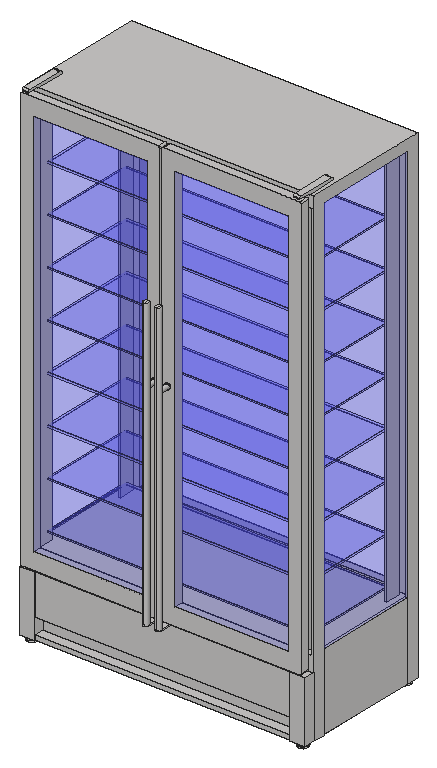
Revit family "Food-Service-Equipment_Oscartek_PIIGS1390", category Specialty Equipment, Revit 2026
Family settings
  Round Connector Dimension = Use Diameter
  Part Type = Normal
  Classification Number = 23.40.40.11
  Work Plane-Based = No
  Enable Cutting in Views = No
  Always vertical = Yes
  Cut with Voids When Loaded = No
  Maintain Annotation Orientation = No
  Shared = No
  Room Calculation Point = No
Parameters
  Weight in Pounds = 650
  Watts = if(Phase = 3, Volts * FL Amps * 1.73, Volts * FL Amps)  # 1760 W
  Waste Water Discharge Temperature [instance] = -459.67 °F
  Volts = 220 V
  URL Cutsheet = "www.oscartek.com"
  URL = "www.oscartek.com"
  Type Mark [instance] = ""
  Type Comments = "As Specified"
  Test Data = "http://www.oscartek.com/company/clients.php"
  Status [instance] = ""
  Specification by User [instance] = ""
  Specification by Manufacturer = ""
  Specification = "https://www.arcat.com/arcatcos/cos48/arc48760.html"
  Show SS Wine Rack [instance] = no
  Show Plexi Glass Wine Rack [instance] = no
  Show Glass Shelving [instance] = yes
  Show Double Door [instance] = no
  Show Clearance [instance] = yes
  Serial Number = ""
  Seismic Rating = ""
  Sales Information = "http://www.oscartek.com/company/contact.php"
  SMACNA No = ""
  Revision Code [instance] = ""
  Revision = "R1_2018-10"
  Product Data = "http://www.oscartek.com/support/manuals/"
  Plumbing Remarks [instance] = ""
  Phase = 1
  Omniclass Number and Title = ""
  Number of Poles [instance] = 1
  NAFEM Spec ID Number = ""
  Model = "PIIGS1390 DOUBLE DOORS"
  Min Ckt Ampacity = 0 A
  Max Overcurrent Protection = 0 A
  Masterspec = ""
  Manufacturer Website = "http://www.oscartek.com/index.php"
  Manufacturer Phone - Toll Free = "855-885-2400"
  Manufacturer Phone = "650-342-2400"
  Manufacturer Fax = "650-342-7400"
  Manufacturer Address = "361 Beach Rd., Burlingame, CA 94010"
  Manufacturer = "OSCARTEK"
  Length = 54.75"  # constant formula
  Item Number [instance] = ""
  Installed By [instance] = ""
  Installation-Fabrication = "http://www.oscartek.com/support/manuals/"
  Indirect Waste Size = 1"
  Indirect Waste Flow [instance] = 0 GPM
  Indirect Waste Connection Type [instance] = ""
  Indirect Waste Connection Height = 0.00"
  Identify Quantity as Lot [instance] = yes
  HP = ""
  Green Building-LEED = "https://www.arcat.com/green/green_building.shtml"
  Furnished By [instance] = ""
  Foodservice Equipment Identifier [instance] = yes
  FL Amps = 8 A
  Electrical Remarks [instance] = ""
  Electric Connection Type [instance] = ""
  Elec Conn RI Height [instance] = 0.00"
  Elec Conn Connection Height [instance] = 0.00"
  Drawn By = "Sumex Design, Inc. / Robert S. Weygant, CSI, CDT, SCIP"
  Door Swing = yes
  Door Swing Clearance [instance] = and(Show Double Door, Show Clearance)  # no
  Description = "PROVINO II GLASS SHELVING SHOWCASE, GLASS SHELVING"
  Default Elevation = 0.00"
  Cycle = 60 Hz
  Copyright = "©Arcat Inc."
  Construction Details = "http://www.oscartek.com/support/manuals/"
  Conn Plug = ""
  Conn Conduit = yes
  Category = ""
  CSI MasterFormat = "11 41 33"
  CSI Master Format = "Foodservice Shelving"
  Building Codes = "https://www.arcat.com/arcatcos/cos48/arc48760.html"
  Apparent Power = if(Phase = 3, Volts * FL Amps * 1.73, Volts * FL Amps)  # 1760 VA
Reference planes (in)
  plane 1 "BACK": y = 0
  plane 2: z = 0
  plane 3 "LEFT": x = 0
  plane 4 "RIGHT": x = 54.75
  plane 5 "FRONT": y = -27.09443
  plane 6 "TOP": z = 95.04541
  plane 7 "Center Y": x = 27.375
  plane 8 "Center X": y = -13.54722
  plane 9 "BASE": z = 0.95111
  plane 10: x = 1.2874
  plane 11: x = 42.0196
  plane 12: x = 5.87601
  plane 13: x = 4.49806
  plane 14: x = 37.43099
  plane 15: x = 38.80894
  plane 16: z = 1.85662
  plane 17: z = 81.18094
  plane 18: z = 72.12584
  plane 19: z = 63.07074
  plane 20: z = 54.01564
  plane 21: z = 44.96054
  plane 22: z = 35.90544
  plane 23: z = 26.85034
  plane 24: z = 17.79524
Forms (in)
  Extrusion 1, solid, material "Glass", visible <- "Show Glass Shelving"
    sketch origin (103.23759, -103.23759, 0) x (1, 0, 0) y (0, 0, 1)
      loop
        line (-101.0939, 17.79524) -> (-101.0939, 17.40154) -> (-50.65699, 17.40154) -> (-50.65699, 17.79524) -> (-101.0939, 17.79524)
      loop
        line (-101.0939, 26.45664) -> (-50.65699, 26.45664) -> (-50.65699, 26.85034) -> (-101.0939, 26.85034) -> (-101.0939, 26.45664)
      loop
        line (-101.0939, 35.90544) -> (-101.0939, 35.51174) -> (-50.65699, 35.51174) -> (-50.65699, 35.90544) -> (-101.0939, 35.90544)
      loop
        line (-101.0939, 44.96054) -> (-101.0939, 44.56684) -> (-50.65699, 44.56684) -> (-50.65699, 44.96054) -> (-101.0939, 44.96054)
      loop
        line (-101.0939, 54.01564) -> (-101.0939, 53.62194) -> (-50.65699, 53.62194) -> (-50.65699, 54.01564) -> (-101.0939, 54.01564)
      loop
        line (-101.0939, 63.07074) -> (-101.0939, 62.67704) -> (-50.65699, 62.67704) -> (-50.65699, 63.07074) -> (-101.0939, 63.07074)
      loop
        line (-101.0939, 72.12584) -> (-101.0939, 71.73214) -> (-50.65699, 71.73214) -> (-50.65699, 72.12584) -> (-101.0939, 72.12584)
      loop
        line (-101.0939, 81.18094) -> (-101.0939, 80.78724) -> (-50.65699, 80.78724) -> (-50.65699, 81.18094) -> (-101.0939, 81.18094)
    from -99.17263 to -80.27503
  Revolve 2, solid, material "QF_Finishes_Stainless Steel"
    sketch origin (-10.43224, -25.58211, 13.1811) x (1, 0, 0) y (0, 0, 1)
      loop
        line (11.86223, -13.1811) -> (11.86223, -12.22999) -> (11.66646, -12.22999) -> (11.66646, -12.7874) -> (11.49024, -12.7874) -> (11.49024, -12.95506) -> (10.93781, -12.95506) -> (10.88984, -13.06299) -> (11.15559, -13.1811) -> (11.86223, -13.1811)
      axis (11.86223, -13.1811) -> (11.86223, -12.22999)
    angle from 0 to 360
  Revolve 3, solid, material "QF_Finishes_Stainless Steel"
    sketch origin (42.291, -25.58211, 13.1811) x (-1, 0, 0) y (0, 0, -1)
      loop
        line (-11.01777, 13.1811) -> (-11.72441, 13.1811) -> (-11.99016, 13.06299) -> (-11.94219, 12.95506) -> (-11.38976, 12.95506) -> (-11.38976, 12.7874) -> (-11.21354, 12.7874) -> (-11.21354, 12.22999) -> (-11.01777, 12.22999) -> (-11.01777, 13.1811)
      axis (-11.01777, 13.1811) -> (-11.01777, 12.22999)
    angle from 0 to 360
  Revolve 4, solid, material "QF_Finishes_Stainless Steel"
    sketch origin (-10.43224, -0.98759, 13.1811) x (1, 0, 0) y (0, 0, -1)
      loop
        line (11.86223, 13.1811) -> (11.15559, 13.1811) -> (10.88984, 13.06299) -> (10.93781, 12.95506) -> (11.49024, 12.95506) -> (11.49024, 12.7874) -> (11.66646, 12.7874) -> (11.66646, 12.22999) -> (11.86223, 12.22999) -> (11.86223, 13.1811)
      axis (11.86223, 13.1811) -> (11.86223, 12.22999)
    angle from 0 to 360
  Revolve 5, solid, material "QF_Finishes_Stainless Steel"
    sketch origin (42.291, -0.98759, 13.1811) x (-1, 0, 0) y (0, 0, 1)
      loop
        line (-11.01777, -13.1811) -> (-11.01777, -12.22999) -> (-11.21354, -12.22999) -> (-11.21354, -12.7874) -> (-11.38976, -12.7874) -> (-11.38976, -12.95506) -> (-11.94219, -12.95506) -> (-11.99016, -13.06299) -> (-11.72441, -13.1811) -> (-11.01777, -13.1811)
      axis (-11.01777, -13.1811) -> (-11.01777, -12.22999)
    angle from 0 to 360
  Extrusion 6, solid, material "QF_Finishes_Stainless Steel"
    sketch origin (0, 0, 0) x (0, 1, 0) y (0, 0, 1)
      loop
        line (-24.74405, 15.62989) -> (-24.74405, 12.66926) -> (-26.79719, 12.66926) -> (-26.79719, 4.89598) -> (-24.82279, 4.89598) -> (-24.82279, 1.85662) -> (-26.79719, 1.85662) -> (-26.79719, 0.95111) -> (0, 0.95111) -> (0, 15.62989) -> (-24.74405, 15.62989)
      loop
        line (-24.81619, 94.49423) -> (-24.81619, 92.24423) -> (-1.72442, 92.24423) -> (-1.72442, 92.99029) -> (0, 92.99029) -> (0, 94.49423) -> (-24.81619, 94.49423)
    from 0.20748 to 54.7243
  Extrusion 7, solid, material "QF_Finishes_Stainless Steel"
    sketch origin (0, 0, 0) x (0, 1, 0) y (0, 0, 1)
      loop
        line (0, 94.49423) -> (-24.74405, 94.49423) -> (-24.74405, 0.95111) -> (-22.49405, 0.95111) -> (-22.49405, 92.24423) -> (-2.25, 92.24423) -> (-2.25, 0.95111) -> (0, 0.95111) -> (0, 94.49423)
    from 0 to 0.5
  Extrusion 8, solid, material "QF_Finishes_Stainless Steel"
    sketch origin (43.31, -26.59443, 156.22651) x (-1, 0, 0) y (0, 0, -1)
      loop
        line (16.45966, 61.98819) -> (42.5226, 61.98819)
        arc (42.5226, 61.98819) -> (42.74531, 62.08043) -> (42.83756, 62.30315) r 0.31496
        line (42.83756, 62.30315) -> (42.83756, 142.85417)
        arc (42.83756, 142.85417) -> (42.74531, 143.07688) -> (42.5226, 143.16913) r 0.31496
        line (42.5226, 143.16913) -> (16.45966, 143.16913)
        arc (16.45966, 143.16913) -> (16.23695, 143.07688) -> (16.1447, 142.85417) r 0.31496
        line (16.1447, 142.85417) -> (16.1447, 62.30315)
        arc (16.1447, 62.30315) -> (16.23695, 62.08043) -> (16.45966, 61.98819) r 0.31496
      loop
        line (18.56596, 65.19684) -> (40.4163, 65.19684) -> (40.4163, 139.96047) -> (18.56596, 139.96047) -> (18.56596, 65.19684)
      loop
        arc (15.43604, 61.98819) -> (15.65875, 62.08043) -> (15.751, 62.30315) r 0.31496
        line (15.751, 62.30315) -> (15.751, 142.85417)
        arc (15.751, 142.85417) -> (15.65875, 143.07688) -> (15.43604, 143.16913) r 0.31496
        line (15.43604, 143.16913) -> (-10.6269, 143.16913)
        arc (-10.6269, 143.16913) -> (-10.84961, 143.07688) -> (-10.94186, 142.85417) r 0.31496
        line (-10.94186, 142.85417) -> (-10.94186, 62.30315)
        arc (-10.94186, 62.30315) -> (-10.84961, 62.08043) -> (-10.6269, 61.98819) r 0.31496
        line (-10.6269, 61.98819) -> (15.43604, 61.98819)
      loop
        line (13.32974, 65.19684) -> (13.32974, 139.96047) -> (-8.5206, 139.96047) -> (-8.5206, 65.19684) -> (13.32974, 65.19684)
    from -1.0748 to 0.5
  Extrusion 9, solid, material "QF_Finishes_Stainless Steel"
    sketch origin (54.75, 0, 0) x (0, 1, 0) y (0, 0, -1)
      loop
        line (0, -94.49423) -> (0, -0.95111) -> (-2.25, -0.95111) -> (-2.25, -92.24423) -> (-22.49405, -92.24423) -> (-22.49405, -0.95111) -> (-24.74405, -0.95111) -> (-24.74405, -94.49423) -> (0, -94.49423)
    from 0 to 0.5
  Extrusion 10, solid, material "QF_Finishes_Stainless Steel"
    sketch origin (43.31, -1.0748, 156.22651) x (-1, 0, 0) y (0, 0, -1)
      loop
        line (-10.94186, 63.23622) -> (42.83756, 63.23622) -> (42.83756, 140.59662) -> (-10.94186, 140.59662) -> (-10.94186, 63.23622)
      loop
        line (-8.5206, 65.19684) -> (40.4163, 65.19684) -> (40.4163, 139.96047) -> (-8.5206, 139.96047) -> (-8.5206, 65.19684)
    from -1.0748 to 0.5
  Extrusion 11, solid, material "QF_Finishes_Stainless Steel"
    sketch origin (43.31, -25.01964, 156.22651) x (-1, 0, 0) y (0, 0, -1)
      loop
        line (16.8947, 62.73819) -> (42.08756, 62.73819) -> (42.08756, 142.41913) -> (16.8947, 142.41913) -> (16.8947, 62.73819)
      loop
        line (17.81596, 64.44684) -> (41.1663, 64.44684) -> (41.1663, 140.71047) -> (17.81596, 140.71047) -> (17.81596, 64.44684)
      loop
        line (15.001, 62.73819) -> (15.001, 142.41913) -> (-10.19186, 142.41913) -> (-10.19186, 62.73819) -> (15.001, 62.73819)
      loop
        line (14.07974, 64.44684) -> (14.07974, 140.71047) -> (-9.2706, 140.71047) -> (-9.2706, 64.44684) -> (14.07974, 64.44684)
    from -0.27559 to 0.5
  Revolve 12, solid, material "QF_Finishes_Stainless Steel"
    sketch origin (26.15984, 0, 0) x (0, 1, 0) y (0, 0, 1)
      loop
        line (-29.20051, 68.18883) -> (-29.73004, 68.18883) -> (-29.73004, 12.99209) -> (-29.20051, 12.99209) -> (-29.20051, 68.18883)
      axis (-29.20051, 12.99209) -> (-29.20051, 68.18883)
    angle from 0 to 360
  Revolve 13, solid, material "QF_Finishes_Stainless Steel"
    sketch origin (26.15984, 0, 0) x (0, 1, 0) y (0, 0, 1)
      loop
        line (-27.09443, 53.6613) -> (-27.09443, 54.20067) -> (-27.13359, 54.20067) -> (-27.17296, 54.1613) -> (-27.17296, 54.09314) -> (-29.23962, 54.09314) -> (-29.23962, 53.6613) -> (-27.09443, 53.6613)
      axis (-27.09443, 53.6613) -> (-29.23962, 53.6613)
    angle from 0 to 360
  Extrusion 14, solid, material "QF_Finishes_Stainless Steel"
    sketch origin (0, 0, 0.95111) x (-1, 0, 0) y (0, -1, 0)
      loop
        line (-26.68937, 25.72125) -> (-25.63032, 25.72125) -> (-25.63032, 29.20051)
        arc (-25.63032, 29.20051) -> (-26.15984, 29.73004) -> (-26.68937, 29.20051) r 0.52953
        line (-26.68937, 29.20051) -> (-26.68937, 25.72125)
    from 11.90942 to 12.04098
  Revolve 15, solid, material "QF_Finishes_Stainless Steel"
    sketch origin (28.57999, 0, 0) x (0, 1, 0) y (0, 0, -1)
      loop
        line (-29.20051, -68.18883) -> (-29.20051, -12.99209) -> (-29.73004, -12.99209) -> (-29.73004, -68.18883) -> (-29.20051, -68.18883)
      axis (-29.20051, -12.99209) -> (-29.20051, -68.18883)
    angle from 0 to 360
  Revolve 16, solid, material "QF_Finishes_Stainless Steel"
    sketch origin (28.57999, 0, 0) x (0, 1, 0) y (0, 0, -1)
      loop
        line (-27.09443, -53.6613) -> (-29.23962, -53.6613) -> (-29.23962, -54.09314) -> (-27.17296, -54.09314) -> (-27.17296, -54.1613) -> (-27.13359, -54.20067) -> (-27.09443, -54.20067) -> (-27.09443, -53.6613)
      axis (-27.09443, -53.6613) -> (-29.23962, -53.6613)
    angle from 0 to 360
  Extrusion 17, solid, material "QF_Finishes_Stainless Steel"
    sketch origin (54.73983, 0, 0.95111) x (1, 0, 0) y (0, 1, 0)
      loop
        line (-26.68937, -25.72125) -> (-26.68937, -29.20051)
        arc (-26.68937, -29.20051) -> (-26.15984, -29.73004) -> (-25.63032, -29.20051) r 0.52953
        line (-25.63032, -29.20051) -> (-25.63032, -25.72125) -> (-26.68937, -25.72125)
    from 11.90942 to 12.04098
  Extrusion 18, solid, material "QF_Finishes_Stainless Steel"
    sketch origin (43.31, -31.496, 1.1811) x (-1, 0, 0) y (0, 0, -1)
      loop
        line (40.36906, -11.48816) -> (43.10252, -11.48816) -> (43.10252, 0.22999) -> (40.36906, 0.22999) -> (40.36906, -11.48816)
      loop
        line (-8.47336, -11.48816) -> (-8.47336, 0.22999) -> (-11.44, 0.22999) -> (-11.44, -11.48816) -> (-8.47336, -11.48816)
    from -6.70471 to -4.62868
  Extrusion 19, solid, material "Glass"
    sketch origin (0, 0, 0) x (0, 1, 0) y (0, 0, 1)
      loop
        line (-22.49405, 92.24423) -> (-22.49405, 15.62989) -> (-2.25, 15.62989) -> (-2.25, 92.24423) -> (-22.49405, 92.24423)
    from 0 to 0.5
  Extrusion 20, solid, material "Glass"
    sketch origin (43.31, -1.0748, 156.22651) x (-1, 0, 0) y (0, 0, -1)
      loop
        line (-8.5206, 65.19684) -> (40.4163, 65.19684) -> (40.4163, 139.96047) -> (-8.5206, 139.96047) -> (-8.5206, 65.19684)
    from -1.0748 to 0.5
  Extrusion 21, solid, material "Glass"
    sketch origin (54.75, 0, 0) x (0, 1, 0) y (0, 0, -1)
      loop
        line (-22.49405, -92.24423) -> (-2.25, -92.24423) -> (-2.25, -15.62989) -> (-22.49405, -15.62989) -> (-22.49405, -92.24423)
    from 0 to 0.5
  Extrusion 22, solid, material "Glass"
    sketch origin (43.31, -26.59443, 156.22651) x (-1, 0, 0) y (0, 0, -1)
      loop
        line (18.56596, 65.19684) -> (40.4163, 65.19684) -> (40.4163, 139.96047) -> (18.56596, 139.96047) -> (18.56596, 65.19684)
      loop
        line (13.32974, 65.19684) -> (13.32974, 139.96047) -> (-8.5206, 139.96047) -> (-8.5206, 65.19684) -> (13.32974, 65.19684)
    from -1.0748 to 0.5
  Extrusion 23, solid, material "QF_Finishes_Stainless Steel"
    sketch origin (0, 0, 0) x (0, 1, 0) y (0, 0, 1)
      loop
        line (-27.09965, 94.65171) -> (-24.81619, 94.65171) -> (-24.81619, 94.49423) -> (-19.22565, 94.49423) -> (-19.22565, 94.69108)
        arc (-19.22565, 94.69108) -> (-19.32943, 94.94163) -> (-19.57998, 95.04541) r 0.35433
        line (-19.57998, 95.04541) -> (-26.74532, 95.04541)
        arc (-26.74532, 95.04541) -> (-26.99587, 94.94163) -> (-27.09965, 94.69108) r 0.35433
        line (-27.09965, 94.69108) -> (-27.09965, 94.65171)
    from 0.7874 to 2.01968
  Extrusion 24, solid, material "QF_Finishes_Stainless Steel"
    sketch origin (54.75, 0, 0) x (0, 1, 0) y (0, 0, -1)
      loop
        line (-27.09965, -94.65171) -> (-27.09965, -94.69108)
        arc (-27.09965, -94.69108) -> (-26.99587, -94.94163) -> (-26.74532, -95.04541) r 0.35433
        line (-26.74532, -95.04541) -> (-19.57998, -95.04541)
        arc (-19.57998, -95.04541) -> (-19.32943, -94.94163) -> (-19.22565, -94.69108) r 0.35433
        line (-19.22565, -94.69108) -> (-19.22565, -94.49423) -> (-24.81619, -94.49423) -> (-24.81619, -94.65171) -> (-27.09965, -94.65171)
    from 0.7874 to 2.01968
  Extrusion 25, solid, material "QF_Finishes_Stainless Steel"
    sketch origin (53.0806, 0, 0) x (0, 1, 0) y (0, 0, -1)
      loop
        line (-2.25, -92.24423) -> (-2.25, -15.62989) -> (-5.1496, -15.62989) -> (-5.1496, -92.24423) -> (-2.25, -92.24423)
      loop
        line (-24.74405, -15.62989) -> (-24.74405, -92.24423) -> (-21.81922, -92.24423) -> (-21.81922, -15.62989) -> (-24.74405, -15.62989)
    from 0 to 0.5
  Extrusion 26, solid, material "QF_Finishes_Stainless Steel"
    sketch origin (1.6437, 0, 0) x (0, 1, 0) y (0, 0, 1)
      loop
        line (-2.25, 92.24423) -> (-5.1496, 92.24423) -> (-5.1496, 15.62989) -> (-2.25, 15.62989) -> (-2.25, 92.24423)
      loop
        line (-24.74405, 15.62989) -> (-21.81922, 15.62989) -> (-21.81922, 92.24423) -> (-24.74405, 92.24423) -> (-24.74405, 15.62989)
    from 0 to 0.5
  Extrusion 27, solid, material "QF_Finishes_Door Clearance", visible <- "Show Clearance", detail levels coarse
    sketch origin (0, 0, 0.95111) x (-1, 0, 0) y (0, -1, 0)
      loop
        line (-63.09511, 50.35976) -> (-54.62722, 27.09443) -> (-27.56687, 27.09443)
        arc (-27.56687, 27.09443) -> (-39.27541, 47.97451) -> (-63.09511, 50.35976) r 25.92193
      loop
        arc (8.34511, 50.35976) -> (-15.47459, 47.97451) -> (-27.18313, 27.09443) r 25.92193
        line (-27.18313, 27.09443) -> (-0.12278, 27.09443) -> (8.34511, 50.35976)
    from 12.04098 to 93.34003
  Extrusion 28, solid, material "QF_Finishes_Stainless Steel"
    sketch origin (0, 0, 0.95111) x (-1, 0, 0) y (0, -1, 0)
      loop
        circle (-49.97676, 6.90952) r 0.64954
      loop
        circle (-4.86333, 6.90952) r 0.64954
    from -0.25092 to 0.5
  Extrusion 29, solid, material "QF_Finishes_Stainless Steel"
    sketch origin (0, 0, 0) x (0, 1, 0) y (0, 0, 1)
      loop
        line (-24.74405, 15.62989) -> (-24.74405, 0.95111) -> (0, 0.95111) -> (0, 15.62989) -> (-24.74405, 15.62989)
    from 0.20748 to 54.7243
  Extrusion 30, solid, material "QF_Finishes_Stainless Steel", visible <- "Show Double Door"
    sketch origin (43.31, 1.85038, 156.22651) x (-1, 0, 0) y (0, 0, 1)
      loop
        arc (16.45966, -61.98819) -> (16.23695, -62.08043) -> (16.1447, -62.30315) r 0.31496
        line (16.1447, -62.30315) -> (16.1447, -142.85417)
        arc (16.1447, -142.85417) -> (16.23695, -143.07688) -> (16.45966, -143.16913) r 0.31496
        line (16.45966, -143.16913) -> (42.5226, -143.16913)
        arc (42.5226, -143.16913) -> (42.74531, -143.07688) -> (42.83756, -142.85417) r 0.31496
        line (42.83756, -142.85417) -> (42.83756, -62.30315)
        arc (42.83756, -62.30315) -> (42.74531, -62.08043) -> (42.5226, -61.98819) r 0.31496
        line (42.5226, -61.98819) -> (16.45966, -61.98819)
      loop
        line (18.56596, -65.19684) -> (18.56596, -139.96047) -> (40.4163, -139.96047) -> (40.4163, -65.19684) -> (18.56596, -65.19684)
      loop
        line (15.43604, -61.98819) -> (-10.6269, -61.98819)
        arc (-10.6269, -61.98819) -> (-10.84961, -62.08043) -> (-10.94186, -62.30315) r 0.31496
        line (-10.94186, -62.30315) -> (-10.94186, -142.85417)
        arc (-10.94186, -142.85417) -> (-10.84961, -143.07688) -> (-10.6269, -143.16913) r 0.31496
        line (-10.6269, -143.16913) -> (15.43604, -143.16913)
        arc (15.43604, -143.16913) -> (15.65875, -143.07688) -> (15.751, -142.85417) r 0.31496
        line (15.751, -142.85417) -> (15.751, -62.30315)
        arc (15.751, -62.30315) -> (15.65875, -62.08043) -> (15.43604, -61.98819) r 0.31496
      loop
        line (13.32974, -65.19684) -> (-8.5206, -65.19684) -> (-8.5206, -139.96047) -> (13.32974, -139.96047) -> (13.32974, -65.19684)
    from -1.0748 to 0.5
  Extrusion 31, solid, material "QF_Finishes_Stainless Steel", visible <- "Show Double Door"
    sketch origin (43.31, 0.27559, 156.22651) x (-1, 0, 0) y (0, 0, 1)
      loop
        line (16.8947, -62.73819) -> (16.8947, -142.41913) -> (42.08756, -142.41913) -> (42.08756, -62.73819) -> (16.8947, -62.73819)
      loop
        line (17.81596, -64.44684) -> (17.81596, -140.71047) -> (41.1663, -140.71047) -> (41.1663, -64.44684) -> (17.81596, -64.44684)
      loop
        line (15.001, -62.73819) -> (-10.19186, -62.73819) -> (-10.19186, -142.41913) -> (15.001, -142.41913) -> (15.001, -62.73819)
      loop
        line (14.07974, -64.44684) -> (-9.2706, -64.44684) -> (-9.2706, -140.71047) -> (14.07974, -140.71047) -> (14.07974, -64.44684)
    from -0.27559 to 0.5
  Revolve 32, solid, material "QF_Finishes_Stainless Steel", visible <- "Show Double Door"
    sketch origin (26.15984, -24.74405, 0) x (0, -1, 0) y (0, 0, -1)
      loop
        line (-29.20051, -68.18883) -> (-29.20051, -12.99209) -> (-29.73004, -12.99209) -> (-29.73004, -68.18883) -> (-29.20051, -68.18883)
      axis (-29.20051, -12.99209) -> (-29.20051, -68.18883)
    angle from 0 to 360
  Revolve 33, solid, material "QF_Finishes_Stainless Steel", visible <- "Show Double Door"
    sketch origin (26.15984, -24.74405, 0) x (0, -1, 0) y (0, 0, -1)
      loop
        line (-27.09443, -53.6613) -> (-29.23962, -53.6613) -> (-29.23962, -54.09314) -> (-27.17296, -54.09314) -> (-27.17296, -54.1613) -> (-27.13359, -54.20067) -> (-27.09443, -54.20067) -> (-27.09443, -53.6613)
      axis (-27.09443, -53.6613) -> (-29.23962, -53.6613)
    angle from 0 to 360
  Extrusion 34, solid, material "QF_Finishes_Stainless Steel", visible <- "Show Double Door"
    sketch origin (0, -24.74405, 0.95111) x (-1, 0, 0) y (0, -1, 0)
      loop
        line (-26.68937, -25.72125) -> (-26.68937, -29.20051)
        arc (-26.68937, -29.20051) -> (-26.15984, -29.73004) -> (-25.63032, -29.20051) r 0.52953
        line (-25.63032, -29.20051) -> (-25.63032, -25.72125) -> (-26.68937, -25.72125)
    from 11.90942 to 12.04098
  Revolve 35, solid, material "QF_Finishes_Stainless Steel", visible <- "Show Double Door"
    sketch origin (28.57999, -24.74405, 0) x (0, -1, 0) y (0, 0, 1)
      loop
        line (-29.20051, 68.18883) -> (-29.73004, 68.18883) -> (-29.73004, 12.99209) -> (-29.20051, 12.99209) -> (-29.20051, 68.18883)
      axis (-29.20051, 12.99209) -> (-29.20051, 68.18883)
    angle from 0 to 360
  Revolve 36, solid, material "QF_Finishes_Stainless Steel", visible <- "Show Double Door"
    sketch origin (28.57999, -24.74405, 0) x (0, -1, 0) y (0, 0, 1)
      loop
        line (-27.09443, 53.6613) -> (-27.09443, 54.20067) -> (-27.13359, 54.20067) -> (-27.17296, 54.1613) -> (-27.17296, 54.09314) -> (-29.23962, 54.09314) -> (-29.23962, 53.6613) -> (-27.09443, 53.6613)
      axis (-27.09443, 53.6613) -> (-29.23962, 53.6613)
    angle from 0 to 360
  Extrusion 37, solid, material "QF_Finishes_Stainless Steel", visible <- "Show Double Door"
    sketch origin (54.73983, -24.74405, 0.95111) x (1, 0, 0) y (0, 1, 0)
      loop
        line (-26.68937, 25.72125) -> (-25.63032, 25.72125) -> (-25.63032, 29.20051)
        arc (-25.63032, 29.20051) -> (-26.15984, 29.73004) -> (-26.68937, 29.20051) r 0.52953
        line (-26.68937, 29.20051) -> (-26.68937, 25.72125)
    from 11.90942 to 12.04098
  Extrusion 38, solid, material "Glass", visible <- "Show Double Door"
    sketch origin (43.31, 1.85038, 156.22651) x (-1, 0, 0) y (0, 0, 1)
      loop
        line (18.56596, -65.19684) -> (18.56596, -139.96047) -> (40.4163, -139.96047) -> (40.4163, -65.19684) -> (18.56596, -65.19684)
      loop
        line (13.32974, -65.19684) -> (-8.5206, -65.19684) -> (-8.5206, -139.96047) -> (13.32974, -139.96047) -> (13.32974, -65.19684)
    from -1.0748 to 0.5
  Extrusion 39, solid, material "QF_Finishes_Stainless Steel", visible <- "Show Double Door"
    sketch origin (54.75, -24.74405, 0) x (0, -1, 0) y (0, 0, 1)
      loop
        line (-27.09965, 94.65171) -> (-24.81619, 94.65171) -> (-24.81619, 94.49423) -> (-19.22565, 94.49423) -> (-19.22565, 94.69108)
        arc (-19.22565, 94.69108) -> (-19.32943, 94.94163) -> (-19.57998, 95.04541) r 0.35433
        line (-19.57998, 95.04541) -> (-26.74532, 95.04541)
        arc (-26.74532, 95.04541) -> (-26.99587, 94.94163) -> (-27.09965, 94.69108) r 0.35433
        line (-27.09965, 94.69108) -> (-27.09965, 94.65171)
    from 0.7874 to 2.01968
  Extrusion 40, solid, material "QF_Finishes_Door Clearance", visible <- "Door Swing Clearance", detail levels coarse
    sketch origin (0, -24.74405, 0.95111) x (-1, 0, 0) y (0, -1, 0)
      loop
        arc (-63.09511, -50.35976) -> (-39.27541, -47.97451) -> (-27.56687, -27.09443) r 25.92193
        line (-27.56687, -27.09443) -> (-54.62722, -27.09443) -> (-63.09511, -50.35976)
      loop
        line (8.34511, -50.35976) -> (-0.12278, -27.09443) -> (-27.18313, -27.09443)
        arc (-27.18313, -27.09443) -> (-15.47459, -47.97451) -> (8.34511, -50.35976) r 25.92193
    from 12.04098 to 93.34003
  Extrusion 41, solid, material "QF_Finishes_Stainless Steel", visible <- "Show Double Door"
    sketch origin (43.31, 6.75195, 1.1811) x (-1, 0, 0) y (0, 0, 1)
      loop
        line (40.36906, 11.48816) -> (40.36906, -0.22999) -> (43.10252, -0.22999) -> (43.10252, 11.48816) -> (40.36906, 11.48816)
      loop
        line (-8.47336, 11.48816) -> (-11.44, 11.48816) -> (-11.44, -0.22999) -> (-8.47336, -0.22999) -> (-8.47336, 11.48816)
    from -6.70471 to -4.62868
  Extrusion 42, solid, material "QF_Finishes_Stainless Steel", visible <- "Show Double Door"
    sketch origin (-0.0257, -24.74405, 0) x (0, -1, 0) y (0, 0, -1)
      loop
        line (-27.09965, -94.65171) -> (-27.09965, -94.69108)
        arc (-27.09965, -94.69108) -> (-26.99587, -94.94163) -> (-26.74532, -95.04541) r 0.35433
        line (-26.74532, -95.04541) -> (-19.57998, -95.04541)
        arc (-19.57998, -95.04541) -> (-19.32943, -94.94163) -> (-19.22565, -94.69108) r 0.35433
        line (-19.22565, -94.69108) -> (-19.22565, -94.49423) -> (-24.81619, -94.49423) -> (-24.81619, -94.65171) -> (-27.09965, -94.65171)
    from 0.7874 to 2.01968
  Extrusion 43, solid, material "QF_Finishes_Stainless Steel", visible <- "Show Double Door"
    sketch origin (0, 0, 0) x (0, 1, 0) y (0, 0, 1)
      loop
        line (0.07874, 0.95111) -> (2.05314, 0.95111) -> (2.05314, 1.85662) -> (0.07874, 1.85662) -> (0.07874, 0.95111)
      loop
        line (0, 12.66926) -> (0, 4.89598) -> (2.05314, 4.89598) -> (2.05314, 12.66926) -> (0, 12.66926)
    from 2.94094 to 51.78336
Cuts and joins
  joined: Extrusion 6, Extrusion 7, Extrusion 9, Extrusion 10, Extrusion 18
Lines and regions (in)
  symbolic lines
    curve 1: line (0, 0, 0.95111) -> (54.75, 0, 0.95111)
    curve 2: line (0, -27.09443, 0.95111) -> (0, 0, 0.95111)
    curve 3: line (54.75, -27.09443, 0.95111) -> (0, -27.09443, 0.95111)
    curve 9: line (0, -24.81619, 0.95111) -> (54.75, -24.81619, 0.95111)
    curve 10: line (26.68937, -29.20051, 0.95111) -> (26.68937, -27.09443, 0.95111)
    curve 11: arc (25.63032, -29.20051, 0.95111) -> (26.53427, -28.82608, 0.95111) -> (26.15984, -29.73004, 0.95111) r 0.52953
    curve 12: arc (26.15984, -29.73004, 0.95111) -> (25.78541, -29.57495, 0.95111) -> (25.63032, -29.20051, 0.95111) r 0.52953
    curve 13: line (25.63032, -27.09443, 0.95111) -> (25.63032, -29.20051, 0.95111)
    curve 14: line (28.06063, -29.20051, 0.95111) -> (28.06063, -27.09443, 0.95111)
    curve 15: arc (28.06063, -29.20051, 0.95111) -> (28.21573, -29.57495, 0.95111) -> (28.59016, -29.73004, 0.95111) r 0.52953
    curve 16: arc (28.59016, -29.73004, 0.95111) -> (28.96459, -28.82608, 0.95111) -> (28.06063, -29.20051, 0.95111) r 0.52953
    curve 17: line (29.11968, -27.09443, 0.95111) -> (29.11968, -29.20051, 0.95111)
    curve 18: line (0.47244, -25.51964, 0.95111) -> (54.25186, -25.51964, 0.95111)
    curve 24: line (27.1653, -25.51964, 0.95111) -> (27.1653, -27.07295, 0.95111)
    curve 25: line (27.559, -25.51964, 0.95111) -> (27.559, -27.09443, 0.95111)
    curve 26: line (28.309, -25.51964, 0.95111) -> (28.309, -24.81619, 0.95111)
    curve 27: line (26.4153, -25.51964, 0.95111) -> (26.4153, -24.81619, 0.95111)
    curve 28: line (53.50186, -25.51964, 0.95111) -> (53.50186, -24.81619, 0.95111)
    curve 29: line (1.22244, -25.51964, 0.95111) -> (1.22244, -24.81619, 0.95111)
    curve 30: line (0.47244, -25.51964, 0.95111) -> (0.47244, -27.09443, 0.95111)
    curve 31: line (54.25186, -25.51964, 0.95111) -> (54.25186, -27.09443, 0.95111)
    curve 50: line (54.75, 0, 0.95111) -> (54.75, -27.09443, 0.95111)
  symbolic lines, visible <- "Show Double Door"
    curve 4: line (54.75, 2.35038, 0.95111) -> (54.75, 0, 0.95111)
    curve 19: line (0, 2.35038, 0.95111) -> (54.75, 2.35038, 0.95111)
    curve 20: line (27.559, 0.77559, 0.95111) -> (27.559, 2.35038, 0.95111)
    curve 21: line (27.1653, 0.77559, 0.95111) -> (27.1653, 2.35038, 0.95111)
    curve 22: line (26.4153, 0.77559, 0.95111) -> (26.4153, 0, 0.95111)
    curve 23: line (28.309, 0.77559, 0.95111) -> (28.309, 0, 0.95111)
    curve 32: line (54.25186, 0.77559, 0.95111) -> (54.25186, 2.35038, 0.95111)
    curve 33: line (53.50186, 0.77559, 0.95111) -> (53.50186, 0, 0.95111)
    curve 34: line (0.47244, 0.77559, 0.95111) -> (0.47244, 2.35038, 0.95111)
    curve 35: line (1.22244, 0, 0.95111) -> (1.22244, 0.77559, 0.95111)
    curve 36: line (0.47244, 0.77559, 0.95111) -> (54.25186, 0.77559, 0.95111)
    curve 41: line (26.68937, 4.45646, 0.95111) -> (26.68937, 2.35038, 0.95111)
    curve 42: arc (25.63032, 4.45646, 0.95111) -> (26.53427, 4.08203, 0.95111) -> (26.15984, 4.98599, 0.95111) r 0.52953
    curve 43: arc (26.15984, 4.98599, 0.95111) -> (25.78541, 4.8309, 0.95111) -> (25.63032, 4.45646, 0.95111) r 0.52953
    curve 44: line (25.63032, 2.35038, 0.95111) -> (25.63032, 4.45646, 0.95111)
    curve 45: line (28.06063, 4.45646, 0.95111) -> (28.06063, 2.35038, 0.95111)
    curve 46: arc (28.06063, 4.45646, 0.95111) -> (28.21573, 4.8309, 0.95111) -> (28.59016, 4.98599, 0.95111) r 0.52953
    curve 47: arc (28.59016, 4.98599, 0.95111) -> (28.96459, 4.08203, 0.95111) -> (28.06063, 4.45646, 0.95111) r 0.52953
    curve 48: line (29.11968, 2.35038, 0.95111) -> (29.11968, 4.45646, 0.95111)
    curve 49: line (0, 0, 0.95111) -> (0, 2.35038, 0.95111)
  symbolic lines, style "QF-Door Swings"
    curve 5: arc (23.05897, -40.33665, 0.95111) -> (26.02315, -33.99649, 0.95111) -> (27.18313, -27.09443, 0.95111) r 25.92193
    curve 6: line (0.12278, -27.09443, 0.95111) -> (23.05897, -40.33665, 0.95111)
    curve 7: arc (31.69103, -40.33665, 0.95111) -> (28.72685, -33.99649, 0.95111) -> (27.56687, -27.09443, 0.95111) r 25.92193
    curve 8: line (54.62722, -27.09443, 0.95111) -> (31.69103, -40.33665, 0.95111)
  symbolic lines, style "QF-Door Swings", visible <- "Show Double Door"
    curve 37: arc (23.05897, 15.5926, 0.95111) -> (26.02315, 9.25244, 0.95111) -> (27.18313, 2.35038, 0.95111) r 25.92193
    curve 38: line (0.12278, 2.35038, 0.95111) -> (23.05897, 15.5926, 0.95111)
    curve 39: arc (31.69103, 15.5926, 0.95111) -> (28.72685, 9.25244, 0.95111) -> (27.56687, 2.35038, 0.95111) r 25.92193
    curve 40: line (54.62722, 2.35038, 0.95111) -> (31.69103, 15.5926, 0.95111)
Dimensions and locks (in)
  equal spacing: plane 3 "LEFT", plane 7 "Center Y", plane 4 "RIGHT"
  "Length": plane 3 "LEFT" to plane 4 "RIGHT"
  equal spacing: plane 5 "FRONT", plane 8 "Center X", plane 1 "BACK"
  plane 5 "FRONT" to plane 1 "BACK" = 27.09443"
  plane 6 "TOP" to level = 95.04541"
  aligned and locked: level to plane 2
Automatic sketch dimensions
  curve 42 to curve 43 = 0.00"
  curve 46 to curve 47 = 0.00"
  plane 1 "BACK" to curve 1 = 0.00"
  curve 1 to plane 4 "RIGHT" = 0.00"
  plane 5 "FRONT" to curve 8 = 0.00"
  curve 19 to plane 3 "LEFT" = 0.00"
  curve 3 to curve 8 = 0.12278"
  curve 40 to plane 4 "RIGHT" = 0.12278"
  curve 32 to plane 4 "RIGHT" = 0.49814"
  curve 18 to plane 4 "RIGHT" = 0.49814"
  curve 18 to curve 28 = 0.75"
  curve 32 to curve 33 = 0.75"
  curve 33 to curve 39 = 0.02559"
  curve 28 to curve 7 = 0.02559"
  plane 7 "Center Y" to curve 40 = 4.31603"
  plane 7 "Center Y" to curve 8 = 4.31603"
  plane 7 "Center Y" to curve 48 = 1.74468"
  plane 7 "Center Y" to curve 17 = 1.74468"
  curve 48 to curve 46 = 0.52953"
  curve 17 to curve 16 = 0.52953"
  plane 7 "Center Y" to curve 23 = 0.934"
  plane 7 "Center Y" to curve 26 = 0.934"
  plane 7 "Center Y" to curve 7 = 0.19187"
  plane 7 "Center Y" to curve 39 = 0.19187"
  plane 7 "Center Y" to curve 20 = 0.184"
  curve 7 to curve 25 = 0.00787"
  curve 37 to plane 7 "Center Y" = 0.19187"
  curve 5 to plane 7 "Center Y" = 0.19187"
  curve 24 to plane 7 "Center Y" = 0.2097"
  curve 21 to plane 7 "Center Y" = 0.2097"
  curve 24 to curve 10 = 0.47593"
  curve 41 to plane 7 "Center Y" = 0.68563"
  curve 24 to curve 27 = 0.75"
  curve 22 to plane 7 "Center Y" = 0.9597"
  curve 41 to curve 42 = 0.52953"
  curve 10 to curve 11 = 0.52953"
  curve 37 to plane 7 "Center Y" = 4.31603"
  curve 6 to plane 7 "Center Y" = 4.31603"
  plane 10 to curve 5 = 0.01367"
  plane 10 to curve 37 = 0.01367"
  plane 10 to curve 29 = 0.06496"
  plane 10 to curve 35 = 0.06496"
  plane 3 "LEFT" to curve 18 = 0.47244"
  plane 3 "LEFT" to curve 34 = 0.47244"
  plane 3 "LEFT" to curve 38 = 0.12278"
  plane 3 "LEFT" to curve 6 = 0.12278"
  curve 36 to plane 1 "BACK" = 0.77559"
  curve 39 to curve 33 = 0.76889"
  curve 37 to curve 35 = 0.76889"
  curve 34 to curve 37 = 0.8059"
  curve 42 to curve 44 = 2.10608"
  curve 42 to curve 46 = 0.00"
  curve 46 to curve 48 = 0.00"
  curve 42 to curve 41 = 0.00"
  curve 29 to plane 5 "FRONT" = 2.27825"
  curve 28 to curve 28 = 0.70345"
  curve 28 to curve 7 = 0.76889"
  curve 29 to curve 5 = 0.76889"
  curve 24 to plane 5 "FRONT" = 0.02149"
  plane 5 "FRONT" to curve 11 = 2.10608"
  curve 11 to curve 10 = 0.00"
  curve 17 to curve 17 = 2.10608"
  curve 14 to curve 17 = 0.00"
  Extrusion 1 sketch curve to plane 24 = 0.00"
  Extrusion 1 sketch curve to plane 17 = 0.00"
  Extrusion 1 sketch curve to plane 23 = 0.00"
  Extrusion 1 sketch curve to plane 18 = 0.00"
  Extrusion 1 sketch curve to plane 22 = 0.00"
  Extrusion 1 sketch curve to plane 19 = 0.00"
  Extrusion 1 sketch curve to plane 21 = 0.00"
  Extrusion 1 sketch curve to plane 20 = 0.00"
  Extrusion 1 sketch curve to plane 10 = 0.8563"  (x8)
  plane 17 to Extrusion 1 sketch curve = 0.3937"
  plane 23 to Extrusion 1 sketch curve = 0.3937"
  plane 18 to Extrusion 1 sketch curve = 0.3937"
  plane 19 to Extrusion 1 sketch curve = 0.3937"
  plane 20 to Extrusion 1 sketch curve = 0.3937"
  plane 21 to Extrusion 1 sketch curve = 0.3937"
  Extrusion 1 sketch curve to plane 4 "RIGHT" = 2.1694"  (x8)
  plane 22 to Extrusion 1 sketch curve = 0.3937"
  plane 24 to Extrusion 1 sketch curve = 0.3937"
  Revolve 2 sketch curve to level = 0.00"
  Revolve 2 sketch curve to plane 9 "BASE" = 0.00"  (x2)
  level to Revolve 2 sketch curve = 0.11811"
  plane 3 "LEFT" to Revolve 2 sketch curve = 0.4576"
  level to Revolve 2 sketch curve = 0.22604"
  Revolve 2 sketch curve to Revolve 2 sketch curve = 0.04797"
  plane 10 to Revolve 2 sketch curve = 0.2294"
  plane 10 to Revolve 2 sketch curve = 0.05318"
  Revolve 2 sketch curve to plane 10 = 0.14259"
  Revolve 2 sketch curve to Revolve 2 sketch curve = 0.00"
  Revolve 2 sketch curve to Revolve 2 sketch curve = 0.16766"
  plane 9 "BASE" to Revolve 2 sketch curve = 0.18453"
  Revolve 3 sketch curve to level = 0.00"
  Revolve 3 sketch curve to plane 9 "BASE" = 0.00"  (x2)
  level to Revolve 3 sketch curve = 0.11811"
  Revolve 3 sketch curve to plane 4 "RIGHT" = 0.46884"
  level to Revolve 3 sketch curve = 0.22604"
  Revolve 3 sketch curve to Revolve 3 sketch curve = 0.04797"
  Revolve 3 sketch curve to Revolve 3 sketch curve = 0.33464"
  Revolve 3 sketch curve to Revolve 3 sketch curve = 0.17623"
  Revolve 3 sketch curve to Revolve 3 sketch curve = 0.19577"
  Revolve 3 sketch curve to Revolve 3 sketch curve = 0.00"
  plane 9 "BASE" to Revolve 3 sketch curve = 0.18453"
  Revolve 3 sketch curve to Revolve 3 sketch curve = 0.16766"
  Revolve 4 sketch curve to level = 0.00"
  Revolve 4 sketch curve to plane 9 "BASE" = 0.00"  (x2)
  level to Revolve 4 sketch curve = 0.11811"
  plane 3 "LEFT" to Revolve 4 sketch curve = 0.4576"
  level to Revolve 4 sketch curve = 0.22604"
  Revolve 4 sketch curve to Revolve 4 sketch curve = 0.04797"
  plane 10 to Revolve 4 sketch curve = 0.2294"
  plane 10 to Revolve 4 sketch curve = 0.05318"
  Revolve 4 sketch curve to plane 10 = 0.14259"
  Revolve 4 sketch curve to Revolve 4 sketch curve = 0.00"
  plane 9 "BASE" to Revolve 4 sketch curve = 0.18453"
  Revolve 4 sketch curve to Revolve 4 sketch curve = 0.16766"
  Revolve 5 sketch curve to level = 0.00"
  Revolve 5 sketch curve to plane 9 "BASE" = 0.00"  (x2)
  level to Revolve 5 sketch curve = 0.11811"
  Revolve 5 sketch curve to plane 4 "RIGHT" = 0.46884"
  level to Revolve 5 sketch curve = 0.22604"
  Revolve 5 sketch curve to Revolve 5 sketch curve = 0.04797"
  Revolve 5 sketch curve to Revolve 5 sketch curve = 0.33464"
  Revolve 5 sketch curve to Revolve 5 sketch curve = 0.17623"
  Revolve 5 sketch curve to Revolve 5 sketch curve = 0.19577"
  Revolve 5 sketch curve to Revolve 5 sketch curve = 0.00"
  Revolve 5 sketch curve to Revolve 5 sketch curve = 0.16766"
  plane 9 "BASE" to Revolve 5 sketch curve = 0.18453"
  Extrusion 6 sketch curve to plane 9 "BASE" = 0.00"
  Extrusion 6 sketch curve to plane 16 = 0.00"
  Extrusion 6 sketch curve to plane 1 "BACK" = 0.00"  (x2)
  plane 1 "BACK" to Extrusion 6 sketch curve = 1.72442"
  Extrusion 6 sketch curve to plane 5 "FRONT" = 2.35038"
  Extrusion 6 sketch curve to plane 5 "FRONT" = 2.27825"
  Extrusion 6 sketch curve to plane 5 "FRONT" = 2.27165"
  Extrusion 6 sketch curve to plane 5 "FRONT" = 0.29724"  (x2)
  plane 16 to Extrusion 6 sketch curve = 3.03936"
  Extrusion 6 sketch curve to Extrusion 6 sketch curve = 7.77328"
  Extrusion 6 sketch curve to Extrusion 6 sketch curve = 2.96063"
  Extrusion 6 sketch curve to Extrusion 6 sketch curve = 14.67878"
  Extrusion 6 sketch curve to plane 6 "TOP" = 2.80118"
  Extrusion 6 sketch curve to Extrusion 6 sketch curve = 0.74606"
  Extrusion 6 sketch curve to plane 6 "TOP" = 0.55118"
  Extrusion 7 sketch curve to plane 9 "BASE" = 0.00"  (x2)
  Extrusion 7 sketch curve to plane 1 "BACK" = 0.00"
  plane 1 "BACK" to Extrusion 7 sketch curve = 2.25"
  Extrusion 7 sketch curve to plane 5 "FRONT" = 4.60038"
  Extrusion 7 sketch curve to Extrusion 7 sketch curve = 2.25"
  Extrusion 7 sketch curve to plane 6 "TOP" = 2.80118"
  Extrusion 7 sketch curve to plane 6 "TOP" = 0.55118"
  Extrusion 8 sketch curve to plane 4 "RIGHT" = 0.49814"
  Extrusion 8 sketch curve to Extrusion 8 sketch curve = 0.31496"  (x5)
  Extrusion 8 sketch curve to plane 4 "RIGHT" = 2.9194"
  plane 7 "Center Y" to Extrusion 8 sketch curve = 2.60526"
  plane 7 "Center Y" to Extrusion 8 sketch curve = 0.49896"  (x2)
  plane 7 "Center Y" to Extrusion 8 sketch curve = 0.184"
  Extrusion 8 sketch curve to plane 7 "Center Y" = 0.2097"
  Extrusion 8 sketch curve to plane 7 "Center Y" = 2.63096"
  Extrusion 8 sketch curve to plane 13 = 1.60437"
  plane 10 to Extrusion 8 sketch curve = 0.50"  (x2)
  Extrusion 8 sketch curve to plane 6 "TOP" = 0.80709"  (x2)
  Extrusion 8 sketch curve to Extrusion 8 sketch curve = 2.8937"  (x2)
  plane 16 to Extrusion 8 sketch curve = 14.40942"  (x2)
  Extrusion 8 sketch curve to Extrusion 8 sketch curve = 2.89369"
  Extrusion 8 sketch curve to Extrusion 8 sketch curve = 0.00"
  Extrusion 9 sketch curve to plane 9 "BASE" = 0.00"  (x2)
  Extrusion 9 sketch curve to plane 1 "BACK" = 0.00"
  plane 1 "BACK" to Extrusion 9 sketch curve = 2.25"
  Extrusion 9 sketch curve to plane 5 "FRONT" = 4.60038"
  Extrusion 9 sketch curve to Extrusion 9 sketch curve = 2.25"
  Extrusion 9 sketch curve to plane 6 "TOP" = 2.80118"
  Extrusion 9 sketch curve to plane 6 "TOP" = 0.55118"
  Extrusion 10 sketch curve to plane 4 "RIGHT" = 0.49814"
  Extrusion 10 sketch curve to plane 4 "RIGHT" = 2.9194"
  Extrusion 10 sketch curve to plane 13 = 1.60437"
  plane 3 "LEFT" to Extrusion 10 sketch curve = 0.47244"
  Extrusion 10 sketch curve to plane 6 "TOP" = 2.05512"
  Extrusion 10 sketch curve to Extrusion 10 sketch curve = 1.96062"
  plane 16 to Extrusion 10 sketch curve = 14.40942"
  Extrusion 10 sketch curve to Extrusion 10 sketch curve = 0.63615"
  Extrusion 11 sketch curve to plane 4 "RIGHT" = 1.24814"
  Extrusion 11 sketch curve to Extrusion 11 sketch curve = 0.92126"
  plane 7 "Center Y" to Extrusion 11 sketch curve = 1.85526"
  plane 7 "Center Y" to Extrusion 11 sketch curve = 0.934"
  Extrusion 11 sketch curve to plane 7 "Center Y" = 0.9597"
  Extrusion 11 sketch curve to plane 7 "Center Y" = 1.88096"
  Extrusion 11 sketch curve to plane 10 = 0.8563"
  plane 10 to Extrusion 11 sketch curve = 0.06496"
  Extrusion 11 sketch curve to plane 6 "TOP" = 1.55709"  (x2)
  Extrusion 11 sketch curve to Extrusion 11 sketch curve = 1.70866"  (x2)
  plane 16 to Extrusion 11 sketch curve = 13.65942"
  Extrusion 11 sketch curve to Extrusion 11 sketch curve = 0.00"  (x2)
  Extrusion 11 sketch curve to Extrusion 11 sketch curve = 1.70865"
  plane 5 "FRONT" to Revolve 12 sketch curve = 2.63561"
  Revolve 12 sketch curve to Revolve 12 sketch curve = 0.52953"
  Revolve 12 sketch curve to Revolve 12 sketch curve = 0.00"  (x2)
  plane 16 to Revolve 12 sketch curve = 11.13547"
  Revolve 12 sketch curve to plane 6 "TOP" = 26.85658"
  Revolve 12 sketch curve to Revolve 12 sketch curve = 1.75"
  Revolve 13 sketch curve to plane 5 "FRONT" = 0.00"
  plane 5 "FRONT" to Revolve 13 sketch curve = 0.03915"
  plane 5 "FRONT" to Revolve 13 sketch curve = 0.07852"
  plane 5 "FRONT" to Revolve 13 sketch curve = 1.07259"
  Revolve 13 sketch curve to Revolve 13 sketch curve = 1.07259"
  Revolve 13 sketch curve to Revolve 13 sketch curve = 0.17741"
  Revolve 13 sketch curve to plane 6 "TOP" = 41.38411"
  Revolve 13 sketch curve to Revolve 13 sketch curve = 0.00"
  Revolve 13 sketch curve to Revolve 13 sketch curve = 0.43184"
  Revolve 13 sketch curve to Revolve 13 sketch curve = 0.06816"
  Revolve 13 sketch curve to Revolve 13 sketch curve = 0.03937"
  Extrusion 14 sketch curve to plane 7 "Center Y" = 0.68563"
  Extrusion 14 sketch curve to Extrusion 14 sketch curve = 0.52953"
  Extrusion 14 sketch curve to plane 5 "FRONT" = 1.37318"
  plane 5 "FRONT" to Extrusion 14 sketch curve = 2.10608"
  plane 5 "FRONT" to Revolve 15 sketch curve = 2.63561"
  Revolve 15 sketch curve to Revolve 15 sketch curve = 0.52953"
  Revolve 15 sketch curve to Revolve 15 sketch curve = 0.00"  (x2)
  Revolve 15 sketch curve to plane 6 "TOP" = 25.10658"
  Revolve 15 sketch curve to Revolve 15 sketch curve = 1.75"
  plane 16 to Revolve 15 sketch curve = 11.13547"
  Revolve 16 sketch curve to plane 5 "FRONT" = 0.00"
  plane 5 "FRONT" to Revolve 16 sketch curve = 0.03915"
  plane 5 "FRONT" to Revolve 16 sketch curve = 0.07852"
  plane 5 "FRONT" to Revolve 16 sketch curve = 1.07259"
  Revolve 16 sketch curve to Revolve 16 sketch curve = 1.07259"
  Revolve 16 sketch curve to Revolve 16 sketch curve = 0.17741"
  Revolve 16 sketch curve to plane 6 "TOP" = 40.84474"
  Revolve 16 sketch curve to Revolve 16 sketch curve = 0.03937"
  Revolve 16 sketch curve to Revolve 16 sketch curve = 0.06816"
  Revolve 16 sketch curve to Revolve 16 sketch curve = 0.43184"
  Revolve 16 sketch curve to Revolve 16 sketch curve = 0.00"
  Extrusion 17 sketch curve to plane 7 "Center Y" = 0.67546"
  Extrusion 17 sketch curve to Extrusion 17 sketch curve = 0.52953"
  plane 5 "FRONT" to Extrusion 17 sketch curve = 1.37318"
  Extrusion 17 sketch curve to plane 5 "FRONT" = 2.10608"
  Extrusion 18 sketch curve to plane 4 "RIGHT" = 0.00"
  Extrusion 18 sketch curve to plane 9 "BASE" = 0.00"  (x2)
  Extrusion 18 sketch curve to Extrusion 18 sketch curve = 2.96664"
  Extrusion 18 sketch curve to plane 13 = 1.55712"
  plane 3 "LEFT" to Extrusion 18 sketch curve = 0.20748"
  plane 16 to Extrusion 18 sketch curve = 10.81264"  (x2)
  Extrusion 19 sketch curve to plane 5 "FRONT" = 4.60038"
  plane 1 "BACK" to Extrusion 19 sketch curve = 2.25"
  plane 16 to Extrusion 19 sketch curve = 13.77327"  (x2)
  Extrusion 19 sketch curve to plane 6 "TOP" = 2.80118"
  Extrusion 20 sketch curve to plane 4 "RIGHT" = 2.9194"
  Extrusion 20 sketch curve to plane 13 = 1.60437"
  Extrusion 20 sketch curve to plane 6 "TOP" = 4.01574"
  plane 16 to Extrusion 20 sketch curve = 14.40942"
  Extrusion 21 sketch curve to plane 5 "FRONT" = 4.60038"
  plane 1 "BACK" to Extrusion 21 sketch curve = 2.25"
  Extrusion 21 sketch curve to plane 6 "TOP" = 2.80118"
  plane 16 to Extrusion 21 sketch curve = 13.77327"  (x2)
  Extrusion 22 sketch curve to plane 4 "RIGHT" = 2.9194"
  plane 7 "Center Y" to Extrusion 22 sketch curve = 2.60526"
  Extrusion 22 sketch curve to plane 7 "Center Y" = 2.63096"
  Extrusion 22 sketch curve to plane 13 = 1.60437"
  Extrusion 22 sketch curve to plane 6 "TOP" = 4.01574"  (x2)
  plane 16 to Extrusion 22 sketch curve = 14.40942"  (x2)
  Extrusion 23 sketch curve to plane 6 "TOP" = 0.00"
  plane 5 "FRONT" to Extrusion 23 sketch curve = 0.00521"
  Extrusion 23 sketch curve to plane 5 "FRONT" = 0.34912"
  Extrusion 23 sketch curve to plane 6 "TOP" = 0.3937"
  Extrusion 23 sketch curve to Extrusion 23 sketch curve = 1.92913"
  Extrusion 23 sketch curve to plane 6 "TOP" = 0.35433"
  Extrusion 23 sketch curve to Extrusion 23 sketch curve = 5.23621"
  Extrusion 23 sketch curve to Extrusion 23 sketch curve = 0.19685"
  Extrusion 24 sketch curve to plane 6 "TOP" = 0.00"
  plane 5 "FRONT" to Extrusion 24 sketch curve = 0.00521"
  Extrusion 24 sketch curve to plane 5 "FRONT" = 0.34912"
  Extrusion 24 sketch curve to plane 6 "TOP" = 0.3937"
  Extrusion 24 sketch curve to Extrusion 24 sketch curve = 1.92913"
  Extrusion 24 sketch curve to plane 6 "TOP" = 0.35433"
  Extrusion 24 sketch curve to Extrusion 24 sketch curve = 5.23621"
  Extrusion 24 sketch curve to Extrusion 24 sketch curve = 0.15748"
  Extrusion 25 sketch curve to plane 5 "FRONT" = 2.35038"
  Extrusion 25 sketch curve to Extrusion 25 sketch curve = 2.92483"
  plane 1 "BACK" to Extrusion 25 sketch curve = 5.1496"
  plane 1 "BACK" to Extrusion 25 sketch curve = 2.25"
  Extrusion 25 sketch curve to plane 6 "TOP" = 2.80118"  (x2)
  plane 16 to Extrusion 25 sketch curve = 13.77327"  (x2)
  Extrusion 26 sketch curve to plane 5 "FRONT" = 2.35038"
  Extrusion 26 sketch curve to Extrusion 26 sketch curve = 2.92483"
  plane 1 "BACK" to Extrusion 26 sketch curve = 5.1496"
  plane 1 "BACK" to Extrusion 26 sketch curve = 2.25"
  plane 16 to Extrusion 26 sketch curve = 13.77327"  (x2)
  Extrusion 26 sketch curve to plane 6 "TOP" = 2.80118"  (x2)
  plane 5 "FRONT" to Extrusion 27 sketch curve = 0.00"  (x2)
  plane 4 "RIGHT" to Extrusion 27 sketch curve = 8.34511"
  Extrusion 27 sketch curve to plane 4 "RIGHT" = 0.12278"
  Extrusion 27 sketch curve to plane 5 "FRONT" = 0.8059"  (x2)
  Extrusion 27 sketch curve to plane 4 "RIGHT" = 1.27373"
  plane 7 "Center Y" to Extrusion 27 sketch curve = 0.19187"
  Extrusion 27 sketch curve to plane 7 "Center Y" = 0.19187"
  plane 10 to Extrusion 27 sketch curve = 0.01367"
  plane 3 "LEFT" to Extrusion 27 sketch curve = 0.12278"
  Extrusion 27 sketch curve to plane 3 "LEFT" = 8.34511"
  Extrusion 29 sketch curve to plane 9 "BASE" = 0.00"
  Extrusion 29 sketch curve to plane 1 "BACK" = 0.00"
  Extrusion 29 sketch curve to plane 5 "FRONT" = 2.35038"
  plane 16 to Extrusion 29 sketch curve = 13.77327"  (x2)
  Extrusion 30 sketch curve to plane 4 "RIGHT" = 0.49814"
  Extrusion 30 sketch curve to Extrusion 30 sketch curve = 0.31496"  (x5)
  Extrusion 30 sketch curve to plane 4 "RIGHT" = 2.9194"
  plane 7 "Center Y" to Extrusion 30 sketch curve = 2.60526"
  plane 7 "Center Y" to Extrusion 30 sketch curve = 0.49896"  (x2)
  plane 7 "Center Y" to Extrusion 30 sketch curve = 0.184"
  Extrusion 30 sketch curve to plane 7 "Center Y" = 0.2097"
  Extrusion 30 sketch curve to plane 7 "Center Y" = 2.63096"
  Extrusion 30 sketch curve to plane 13 = 1.60437"
  plane 10 to Extrusion 30 sketch curve = 0.50"  (x2)
  plane 16 to Extrusion 30 sketch curve = 11.20076"  (x2)
  Extrusion 30 sketch curve to Extrusion 30 sketch curve = 2.89369"  (x2)
  Extrusion 30 sketch curve to plane 6 "TOP" = 4.01574"  (x2)
  Extrusion 30 sketch curve to plane 6 "TOP" = 1.12205"
  Extrusion 30 sketch curve to Extrusion 30 sketch curve = 0.00"
  Extrusion 31 sketch curve to plane 4 "RIGHT" = 1.24814"
  Extrusion 31 sketch curve to Extrusion 31 sketch curve = 0.92126"
  plane 7 "Center Y" to Extrusion 31 sketch curve = 1.85526"
  plane 7 "Center Y" to Extrusion 31 sketch curve = 0.934"
  Extrusion 31 sketch curve to plane 7 "Center Y" = 0.9597"
  Extrusion 31 sketch curve to plane 7 "Center Y" = 1.88096"
  Extrusion 31 sketch curve to plane 10 = 0.8563"
  plane 10 to Extrusion 31 sketch curve = 0.06496"
  plane 16 to Extrusion 31 sketch curve = 11.95076"  (x2)
  Extrusion 31 sketch curve to Extrusion 31 sketch curve = 1.70865"  (x2)
  Extrusion 31 sketch curve to plane 6 "TOP" = 3.26574"  (x2)
  Extrusion 31 sketch curve to plane 6 "TOP" = 1.55709"  (x2)
  Revolve 32 sketch curve to plane 1 "BACK" = 4.98599"
  Revolve 32 sketch curve to Revolve 32 sketch curve = 0.52953"
  Revolve 32 sketch curve to Revolve 32 sketch curve = 0.00"  (x2)
  Revolve 32 sketch curve to plane 6 "TOP" = 25.10658"
  Revolve 32 sketch curve to Revolve 32 sketch curve = 1.75"
  plane 16 to Revolve 32 sketch curve = 11.13547"
  Revolve 33 sketch curve to plane 1 "BACK" = 4.67298"
  Revolve 33 sketch curve to Revolve 33 sketch curve = 0.17741"
  Revolve 33 sketch curve to Revolve 33 sketch curve = 1.07259"
  Revolve 33 sketch curve to Revolve 33 sketch curve = 0.99407"
  Revolve 33 sketch curve to Revolve 33 sketch curve = 0.03937"  (x2)
  Revolve 33 sketch curve to Revolve 33 sketch curve = 0.07852"
  Revolve 33 sketch curve to plane 6 "TOP" = 40.84474"
  Revolve 33 sketch curve to Revolve 33 sketch curve = 0.06816"
  Revolve 33 sketch curve to Revolve 33 sketch curve = 0.43184"
  Revolve 33 sketch curve to Revolve 33 sketch curve = 0.00"
  plane 7 "Center Y" to Extrusion 34 sketch curve = 0.68563"
  Extrusion 34 sketch curve to Extrusion 34 sketch curve = 0.52953"
  plane 1 "BACK" to Extrusion 34 sketch curve = 0.9772"
  Extrusion 34 sketch curve to Extrusion 34 sketch curve = 3.47926"
  Revolve 35 sketch curve to plane 1 "BACK" = 4.98599"
  Revolve 35 sketch curve to Revolve 35 sketch curve = 0.52953"
  Revolve 35 sketch curve to Revolve 35 sketch curve = 0.00"  (x2)
  plane 16 to Revolve 35 sketch curve = 11.13547"
  Revolve 35 sketch curve to plane 6 "TOP" = 26.85658"
  Revolve 35 sketch curve to Revolve 35 sketch curve = 1.75"
  Revolve 36 sketch curve to plane 1 "BACK" = 4.67298"
  Revolve 36 sketch curve to Revolve 36 sketch curve = 0.17741"
  Revolve 36 sketch curve to Revolve 36 sketch curve = 1.07259"
  Revolve 36 sketch curve to Revolve 36 sketch curve = 0.99407"
  Revolve 36 sketch curve to Revolve 36 sketch curve = 0.03937"  (x2)
  Revolve 36 sketch curve to Revolve 36 sketch curve = 0.07852"
  Revolve 36 sketch curve to plane 6 "TOP" = 41.38411"
  Revolve 36 sketch curve to Revolve 36 sketch curve = 0.00"
  Revolve 36 sketch curve to Revolve 36 sketch curve = 0.43184"
  Revolve 36 sketch curve to Revolve 36 sketch curve = 0.06816"
  plane 7 "Center Y" to Extrusion 37 sketch curve = 0.67546"
  Extrusion 37 sketch curve to Extrusion 37 sketch curve = 0.52953"
  Extrusion 37 sketch curve to plane 1 "BACK" = 0.9772"
  Extrusion 37 sketch curve to Extrusion 37 sketch curve = 3.47926"
  Extrusion 38 sketch curve to plane 4 "RIGHT" = 2.9194"
  plane 7 "Center Y" to Extrusion 38 sketch curve = 2.60526"
  Extrusion 38 sketch curve to plane 7 "Center Y" = 2.63096"
  Extrusion 38 sketch curve to plane 13 = 1.60437"
  plane 16 to Extrusion 38 sketch curve = 14.40942"  (x2)
  Extrusion 38 sketch curve to plane 6 "TOP" = 4.01574"  (x2)
  Extrusion 39 sketch curve to plane 6 "TOP" = 0.00"
  Extrusion 39 sketch curve to plane 6 "TOP" = 0.3937"
  Extrusion 39 sketch curve to plane 1 "BACK" = 2.3556"
  Extrusion 39 sketch curve to Extrusion 39 sketch curve = 0.35433"
  Extrusion 39 sketch curve to plane 1 "BACK" = 0.07214"
  Extrusion 39 sketch curve to plane 6 "TOP" = 0.35433"
  plane 1 "BACK" to Extrusion 39 sketch curve = 5.16407"
  Extrusion 39 sketch curve to Extrusion 39 sketch curve = 0.19685"
  Extrusion 40 sketch curve to plane 4 "RIGHT" = 8.34511"
  plane 4 "RIGHT" to Extrusion 40 sketch curve = 0.12278"
  plane 4 "RIGHT" to Extrusion 40 sketch curve = 1.27373"
  Extrusion 40 sketch curve to plane 7 "Center Y" = 0.19187"
  plane 7 "Center Y" to Extrusion 40 sketch curve = 0.19187"
  Extrusion 40 sketch curve to plane 10 = 0.01367"
  Extrusion 40 sketch curve to plane 3 "LEFT" = 0.12278"
  plane 3 "LEFT" to Extrusion 40 sketch curve = 8.34511"
  plane 1 "BACK" to Extrusion 40 sketch curve = 1.54448"  (x2)
  plane 1 "BACK" to Extrusion 40 sketch curve = 2.35038"
  Extrusion 40 sketch curve to Extrusion 40 sketch curve = 0.00"
  Extrusion 41 sketch curve to plane 4 "RIGHT" = 0.00"
  Extrusion 41 sketch curve to plane 9 "BASE" = 0.00"  (x2)
  Extrusion 41 sketch curve to Extrusion 41 sketch curve = 2.96664"
  Extrusion 41 sketch curve to plane 13 = 1.55712"
  plane 3 "LEFT" to Extrusion 41 sketch curve = 0.20748"
  plane 16 to Extrusion 41 sketch curve = 10.81264"  (x2)
  Extrusion 42 sketch curve to plane 6 "TOP" = 0.00"
  Extrusion 42 sketch curve to plane 6 "TOP" = 0.3937"
  Extrusion 42 sketch curve to plane 1 "BACK" = 2.3556"
  Extrusion 42 sketch curve to Extrusion 42 sketch curve = 0.35433"
  Extrusion 42 sketch curve to plane 1 "BACK" = 0.07214"
  Extrusion 42 sketch curve to plane 6 "TOP" = 0.35433"
  plane 1 "BACK" to Extrusion 42 sketch curve = 5.16407"
  Extrusion 42 sketch curve to Extrusion 42 sketch curve = 0.15748"
  Extrusion 43 sketch curve to plane 9 "BASE" = 0.00"
  Extrusion 43 sketch curve to plane 16 = 0.00"
  Extrusion 43 sketch curve to plane 1 "BACK" = 0.07874"
  Extrusion 43 sketch curve to plane 1 "BACK" = 2.05314"  (x2)
  plane 16 to Extrusion 43 sketch curve = 3.03936"
  Extrusion 43 sketch curve to Extrusion 43 sketch curve = 7.77328"
  Extrusion 43 sketch curve to plane 1 "BACK" = 0.00"
